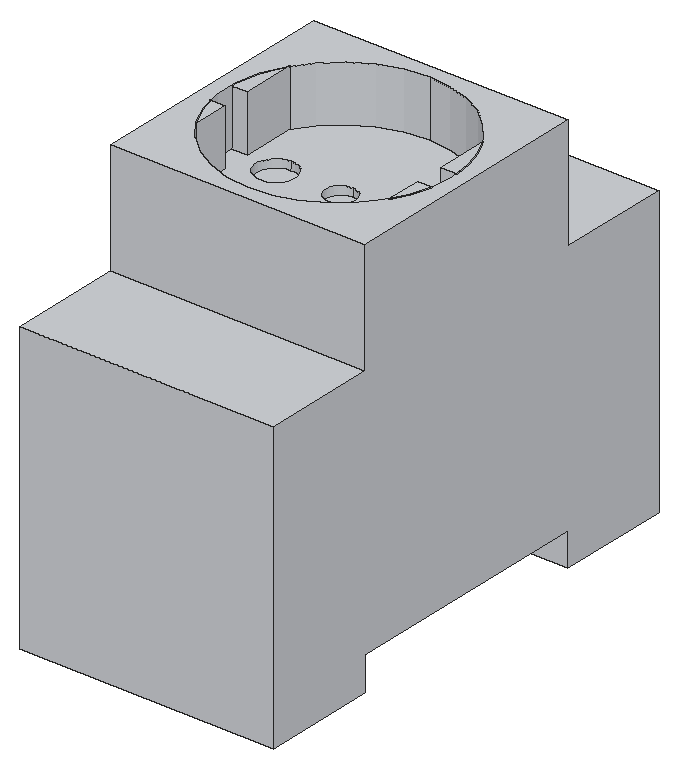
Revit family "Power-ModularDevices-GEWISS-90AM-SOCKET_OUTLET_DIN_ITADEU", category Apparecchi elettrici, host Superficie, Revit 2016
Family settings
  Host = Superficie
  Mantenere orientamento annotazione = Sì
  Tipo di parte = Normale
  Quota connettore circolare = Usa diametro
  Numero OmniClass = 23.80.50.11
  Titolo OmniClass = Switches and Receptacles
  Taglio con vuoti quando caricato = No
  Condiviso = No
  Punto di calcolo locali = Sì
Parameters (values of type "GW96525 - DIN RAIL SOCKET IT/GER.STD 2P+E 16A 2,5M")
  Version file RFA = "18.0"
  URL = "https://www.gewiss.com/ww/en"
  Technical sheet = "https://www.gewiss.com/ww/en/search?q=GW96525"
  Standard = "Italian / German"
  SIMBOLO IN PIANTA [instance] = yes
  Realized by GEWISS S.p.A. = ""
  Rated voltage = "250Vac"
  Rated current (In) = "10/16 A"
  Default Elevation = 1219.2 mm
  Produttore = "GEWISS S.p.A."
  Number of poles = "2P+E"
  No. Chorus modules = "2,5"
  Modello = "GW96525"
  L_VERTICALE [instance] = 97.365 mm
  Installation = "DIN rail"
  Immagine tipo = GW96525.jpg
  IFC.TypeObject = ""
  IFC.ExportType = ""
  IFC.ExportAs = ""
  IDT = "6cba5aad-a702-4872-941f-786413da8b09"
  IDF = "99228530-de5d-4f24-a6a6-5b6c45dd65ee"
  Finitura = none
  Electrocod = "140                 "
  EAN code = "8011564441750"
  Descrizione = "DIN RAIL SOCKET IT/GER.STD 2P+E 16A 2,5M"
  DIST_BARRA DIN [instance] = 15 mm
  Catalogue Range = "90 AM"
  Catalogue = "POWER"
  COBie.Tagnumber = ""
  COBie.CreatedOn = ""
  COBie.CreatebBy = ""
  COBie.ComponentRegisterItemID = ""
  COBie.Component.TagNumber = ""
  COBie.Component.Space = ""
  COBie.Component.SerialNumber = ""
  COBie.Component.InstallationDate = ""
  COBie.Component.Description = ""
  COBie.Component.BarCode = ""
Reference planes
  plane 1 "Centro (Fronte/Retro)": y = 0
  plane 2: z = 0
  plane 3 "Centro (Sinistra/Destra)": x = 0
  plane 4: z = 15
  plane 5: through (0, 42.5, 60) normal (0, 0.9613, -0.2756)
  plane 6: through (0, -42.5, 60) normal (0, -0.9613, 0.2756)
Dimensions and locks
  "DIST_BARRA DIN": plane 4 to host face
  angle plane 5 to plane 1 "Centro (Fronte/Retro)" = 16.00°
  angle plane 1 "Centro (Fronte/Retro)" to plane 5 = 164.00°
  angle plane 6 to plane 4 = 106.00°
  aligned and locked: plane 2 to host face
  aligned and locked: level to host face
  aligned and locked: plane 3 "Centro (Sinistra/Destra)" to nested 1
  aligned and locked: plane 1 "Centro (Fronte/Retro)" to nested 1
Automatic sketch dimensions
  host sketch curve to host sketch curve = 2438.4 mm  (x2)
Nested families
  nested 1: "GENERICO  - 90AM PRESA GUIDA DIN STANDARD ITAGER" at (0, 0, 0), type "GENERICO  - 90AM PRESA GUIDA DIN STANDARD ITAGER"
  nested 2: "CIV" at (0, 56.988, 0), visible <- "SIMBOLO IN PIANTA", type "CIV"
Connectors
  electrical at (0, 42.5, 34.5)
    settings: on nested 1, index 1, voltage 230 V, apparent load 0 VA, apparent load phase1 0 VA, apparent load phase2 0 VA, apparent load phase3 0 VA, power factor 1, load classification "Altro", number of poles 1, system type 31, power factor state 1, is connector primary yes, connector utility no, sub classification motor no, connector description ""
Definition of nested family "GENERICO  - 90AM PRESA GUIDA DIN STANDARD ITAGER"
  Parameters (values of type "GENERICO  - 90AM PRESA GUIDA DIN STANDARD ITAGER")
    h_barra din = if(Altezza barre = 1 mm, 69.9 mm, if(Altezza barre = 2 mm, 115.8 mm, 0 mm))  # 0 mm
    R = 20 mm  # constant formula
    H = if(AB_O = 1, AB_V, if(AB_O = 2, AB_H, 50.8 mm))  # 50.8 mm
    Finitura = none
    Dist barra din = 15 mm
    Contatto = none
    C = 65 mm
    B = 85 mm  # constant formula
    Altezza barre = 5 mm  # constant formula
    AB_V = 3 mm  # constant formula
    AB_H = 5 mm  # constant formula
    AB_O = 0  # constant formula
    A = 45 mm  # constant formula
  Reference planes
    plane 1 "Centro (Fronte/Retro)": y = 0
    plane 2: z = 0
    plane 3 "Centro (Sinistra/Destra)": x = 0
    plane 4: y = -42.5
    plane 5: y = 42.5
    plane 6: z = 15
    plane 7: z = 9
    plane 8 "top": z = 80
    plane 9 "incasso": z = 60
    plane 10: y = -22.5
    plane 11: y = 22.5
    plane 12: x = -22.5
    plane 13: x = 22.5
    plane 14: through (4267.2, -42.5, 9) normal (0, -0.1901, 0.9818)
    plane 15 "foro": z = 70
    plane 16: x = -11.25
    plane 17: x = 11.25
    plane 18: through (-22.5, -42.5, 1200) normal (-0.7547, -0.6561, 0)
    plane 19: through (-22.5, -42.5, 1200) normal (0.8988, -0.4384, 0)
    plane 20: through (22.5, -42.5, 1200) normal (-0.9397, 0.342, 0)
    plane 21: y = 14.153
  Forms (mm)
    Extrusion 1, solid, material <- "Finitura"
      sketch origin (0, 0, 0) x (0, 1, 0) y (0, 0, 1)
        loop
          line (-22.5, 15) -> (22.5, 15) -> (22.5, 9) -> (42.5, 9) -> (42.5, 60) -> (22.5, 60) -> (22.5, 80) -> (-22.5, 80) -> (-22.5, 60) -> (-42.5, 60) -> (-42.5, 9) -> (-22.5, 9) -> (-22.5, 15)
      from -22.5 to 22.5
    Extrusion 2, void
      sketch origin (0, 0, 60) x (0, -1, 0) y (1, 0, 0)
        loop
          circle (0, 0) r 20
      from 10 to 20
    Extrusion 3, void
      sketch origin (0, 0, 60) x (0, -1, 0) y (1, 0, 0)
        loop
          circle (0, -11.25) r 3.434
        loop
          circle (0, 11.25) r 3.477
      from 8.526 to 10
    Extrusion 4, void
      sketch origin (0, -13.865, 70) x (0, -1, 0) y (1, 0, 0)
        loop
          circle (-14.153, 0) r 2.622
      from -1.474 to 0
    Extrusion 5, solid, material <- "Contatto"
      sketch origin (0, 0, 70) x (0, -1, 0) y (1, 0, 0)
        loop
          arc (-10.41, -17.077) -> (-5.906, -19.108) -> (-1.041, -19.973) r 20
          line (-1.041, -19.973) -> (-1.041, -17.077) -> (-10.41, -17.077)
        loop
          line (4.034, -17.077) -> (4.034, -19.589)
          arc (4.034, -19.589) -> (7.331, -18.608) -> (10.41, -17.077) r 20
          line (10.41, -17.077) -> (4.034, -17.077)
      from 0 to 10
    Extrusion 6, solid, material <- "Contatto"
      sketch origin (0, 0, 70) x (0, -1, 0) y (1, 0, 0)
        loop
          line (-10.41, 17.077) -> (-1.041, 17.077) -> (-1.041, 19.973)
          arc (-1.041, 19.973) -> (-5.906, 19.108) -> (-10.41, 17.077) r 20
        loop
          line (4.034, 17.077) -> (10.41, 17.077)
          arc (10.41, 17.077) -> (7.331, 18.608) -> (4.034, 19.589) r 20
          line (4.034, 19.589) -> (4.034, 17.077)
      from 0 to 10
  Cuts and joins
    Extrusion 2, Extrusion 3, Extrusion 4 cuts Extrusion 1
  Lines and regions (mm)
    symbolic lines
      curve 1: line (0, 0, 29) -> (0, 0, 9)
      curve 2: line (0, -22.5, 15) -> (0, 22.5, 15)
    model lines, not visible
      curve 3: line (224.303, 91.977, 74) -> (224.303, 136.977, 74)
      curve 4: line (154.303, 136.977, 74) -> (154.303, 91.977, 74)
      curve 5: line (224.303, 136.977, 74) -> (154.303, 136.977, 74)
      curve 6: line (224.303, 91.977, 74) -> (154.303, 91.977, 74)
      curve 7: line (208.303, 108.977, 74) -> (169.303, 108.977, 74)
      curve 8: line (169.303, 108.977, 74) -> (169.303, 125.977, 74)
      curve 9: line (169.303, 125.977, 74) -> (208.303, 125.977, 74)
      curve 10: line (208.303, 125.977, 74) -> (208.303, 108.977, 74)
      curve 192: line (95.035, 64.787, 59) -> (165.035, 64.787, 59)
      curve 193: line (165.035, 64.787, 59) -> (165.035, 84.787, 59)
      curve 194: line (95.035, 84.787, 59) -> (95.035, 64.787, 59)
      curve 195: line (165.035, 84.787, 59) -> (95.035, 84.787, 59)
      curve 204: line (159.024, 125.408, 59) -> (89.024, 125.408, 59)
      curve 205: line (159.024, 105.408, 59) -> (89.024, 105.408, 59)
      curve 206: line (159.024, 113.408, 59) -> (89.024, 113.408, 59)
      curve 207: line (121.484, 119.926, 59) -> (121.484, 118.591, 59)
      curve 208: line (121.484, 118.591, 59) -> (126.564, 118.591, 59)
      curve 209: line (126.564, 118.591, 59) -> (126.564, 119.926, 59)
      curve 210: line (128.168, 122.331, 59) -> (128.168, 119.926, 59)
      curve 211: line (128.168, 119.926, 59) -> (119.879, 119.926, 59)
      curve 212: line (119.879, 119.926, 59) -> (119.879, 122.331, 59)
      curve 213: line (119.879, 122.331, 59) -> (128.168, 122.331, 59)
    model lines, not visible, detail levels fine
      curve 11: line (158.803, 96.373, 74) -> (158.803, 94.178, 74)
      curve 12: line (158.803, 94.178, 74) -> (158.068, 94.178, 74)
      curve 13: line (158.068, 94.178, 74) -> (157.642, 94.232, 74)
      curve 14: line (157.642, 94.232, 74) -> (157.12, 94.463, 74)
      curve 15: line (157.12, 94.463, 74) -> (156.706, 94.847, 74)
      curve 16: line (156.706, 94.847, 74) -> (156.431, 95.365, 74)
      curve 17: line (156.431, 95.365, 74) -> (156.346, 95.917, 74)
      curve 18: line (156.346, 95.917, 74) -> (156.429, 96.426, 74)
      curve 19: line (156.429, 96.426, 74) -> (156.649, 96.875, 74)
      curve 20: line (156.649, 96.875, 74) -> (157.044, 97.285, 74)
      curve 21: line (157.044, 97.285, 74) -> (157.523, 97.533, 74)
      curve 22: line (157.523, 97.533, 74) -> (158.061, 97.622, 74)
      curve 23: line (158.061, 97.622, 74) -> (158.803, 97.622, 74)
      curve 24: line (158.803, 97.622, 74) -> (158.803, 96.676, 74)
      curve 25: line (158.803, 96.676, 74) -> (157.555, 96.676, 74)
      curve 26: line (157.555, 96.676, 74) -> (157.555, 95.124, 74)
      curve 27: line (157.555, 95.124, 74) -> (157.859, 95.124, 74)
      curve 28: line (157.859, 95.124, 74) -> (157.859, 96.373, 74)
      curve 29: line (157.859, 96.373, 74) -> (158.803, 96.373, 74)
      curve 30: line (161.774, 94.178, 74) -> (159.106, 94.178, 74)
      curve 31: line (159.106, 94.178, 74) -> (159.106, 97.622, 74)
      curve 32: line (159.106, 97.622, 74) -> (160.525, 97.622, 74)
      curve 33: line (160.525, 97.622, 74) -> (160.525, 96.676, 74)
      curve 34: line (160.525, 96.676, 74) -> (160.052, 96.676, 74)
      curve 35: line (160.052, 96.676, 74) -> (160.052, 96.373, 74)
      curve 36: line (160.052, 96.373, 74) -> (161.774, 96.373, 74)
      curve 37: line (161.774, 96.373, 74) -> (161.774, 95.427, 74)
      curve 38: line (161.774, 95.427, 74) -> (160.052, 95.427, 74)
      curve 39: line (160.052, 95.427, 74) -> (160.052, 95.124, 74)
      curve 40: line (160.052, 95.124, 74) -> (161.774, 95.124, 74)
      curve 41: line (161.774, 95.124, 74) -> (161.774, 94.178, 74)
      curve 42: line (166.599, 94.178, 74) -> (166.599, 96.373, 74)
      curve 43: line (166.599, 96.373, 74) -> (165.653, 96.373, 74)
      curve 44: line (165.653, 96.373, 74) -> (165.653, 94.178, 74)
      curve 45: line (165.653, 94.178, 74) -> (166.599, 94.178, 74)
      curve 46: line (163.43, 94.178, 74) -> (163.714, 95.597, 74)
      curve 47: line (163.714, 95.597, 74) -> (163.997, 94.178, 74)
      curve 48: line (163.997, 94.178, 74) -> (164.944, 94.178, 74)
      curve 49: line (164.944, 94.178, 74) -> (165.53, 96.676, 74)
      curve 50: line (165.53, 96.676, 74) -> (166.599, 96.676, 74)
      curve 51: line (166.599, 96.676, 74) -> (166.599, 97.622, 74)
      curve 52: line (166.599, 97.622, 74) -> (164.783, 97.622, 74)
      curve 53: line (164.783, 97.622, 74) -> (164.442, 96.165, 74)
      curve 54: line (164.442, 96.165, 74) -> (164.206, 97.622, 74)
      curve 55: line (164.206, 97.622, 74) -> (163.222, 97.622, 74)
      curve 56: line (163.222, 97.622, 74) -> (162.985, 96.165, 74)
      curve 57: line (162.985, 96.165, 74) -> (162.645, 97.622, 74)
      curve 58: line (162.645, 97.622, 74) -> (160.828, 97.622, 74)
      curve 59: line (160.828, 97.622, 74) -> (160.828, 96.676, 74)
      curve 60: line (160.828, 96.676, 74) -> (161.897, 96.676, 74)
      curve 61: line (161.897, 96.676, 74) -> (162.482, 94.178, 74)
      curve 62: line (162.482, 94.178, 74) -> (163.43, 94.178, 74)
      curve 63: line (169.57, 97.622, 74) -> (166.902, 97.622, 74)
      curve 64: line (166.902, 97.622, 74) -> (166.902, 95.427, 74)
      curve 65: line (166.902, 95.427, 74) -> (168.624, 95.427, 74)
      curve 66: line (168.624, 95.427, 74) -> (168.624, 95.124, 74)
      curve 67: line (168.624, 95.124, 74) -> (166.902, 95.124, 74)
      curve 68: line (166.902, 95.124, 74) -> (166.902, 94.178, 74)
      curve 69: line (166.902, 94.178, 74) -> (169.57, 94.178, 74)
      curve 70: line (169.57, 94.178, 74) -> (169.57, 96.373, 74)
      curve 71: line (169.57, 96.373, 74) -> (167.848, 96.373, 74)
      curve 72: line (167.848, 96.373, 74) -> (167.848, 96.676, 74)
      curve 73: line (167.848, 96.676, 74) -> (169.57, 96.676, 74)
      curve 74: line (169.57, 96.676, 74) -> (169.57, 97.622, 74)
      curve 75: line (169.873, 97.622, 74) -> (169.873, 95.427, 74)
      curve 76: line (169.873, 95.427, 74) -> (171.478, 95.427, 74)
      curve 77: line (171.478, 95.427, 74) -> (171.478, 95.124, 74)
      curve 78: line (171.478, 95.124, 74) -> (169.873, 95.124, 74)
      curve 79: line (169.873, 95.124, 74) -> (169.873, 94.178, 74)
      curve 80: line (169.873, 94.178, 74) -> (170.819, 94.178, 74)
      curve 81: line (170.819, 94.178, 74) -> (171.365, 94.354, 74)
      curve 82: line (171.365, 94.354, 74) -> (171.718, 94.584, 74)
      curve 83: line (171.718, 94.584, 74) -> (172.121, 95.079, 74)
      curve 84: line (172.121, 95.079, 74) -> (172.309, 95.635, 74)
      curve 85: line (172.309, 95.635, 74) -> (172.315, 96.128, 74)
      curve 86: line (172.315, 96.128, 74) -> (172.263, 96.373, 74)
      curve 87: line (172.263, 96.373, 74) -> (170.819, 96.373, 74)
      curve 88: line (170.819, 96.373, 74) -> (170.819, 96.676, 74)
      curve 89: line (170.819, 96.676, 74) -> (172.134, 96.676, 74)
      curve 90: line (172.134, 96.676, 74) -> (171.964, 96.962, 74)
      curve 91: line (171.964, 96.962, 74) -> (171.718, 97.217, 74)
      curve 92: line (171.718, 97.217, 74) -> (171.375, 97.442, 74)
      curve 93: line (171.375, 97.442, 74) -> (171.017, 97.573, 74)
      curve 94: line (171.017, 97.573, 74) -> (170.615, 97.622, 74)
      curve 95: line (170.615, 97.622, 74) -> (169.873, 97.622, 74)
    model lines, not visible, detail levels medium+fine
      curve 96: line (179.303, 95.702, 74) -> (180.69, 96.074, 74)
      curve 97: line (180.69, 96.074, 74) -> (181.706, 97.09, 74)
      curve 98: line (181.706, 97.09, 74) -> (182.077, 98.477, 74)
      curve 99: line (182.077, 98.477, 74) -> (181.706, 99.864, 74)
      curve 100: line (181.706, 99.864, 74) -> (180.69, 100.879, 74)
      curve 101: line (180.69, 100.879, 74) -> (179.303, 101.251, 74)
      curve 102: line (179.303, 101.251, 74) -> (177.916, 100.879, 74)
      curve 103: line (177.916, 100.879, 74) -> (176.9, 99.864, 74)
      curve 104: line (176.9, 99.864, 74) -> (176.529, 98.477, 74)
      curve 105: line (176.529, 98.477, 74) -> (176.9, 97.09, 74)
      curve 106: line (176.9, 97.09, 74) -> (177.916, 96.074, 74)
      curve 107: line (177.916, 96.074, 74) -> (179.303, 95.702, 74)
      curve 108: line (202.303, 95.702, 74) -> (203.69, 96.074, 74)
      curve 109: line (203.69, 96.074, 74) -> (204.706, 97.09, 74)
      curve 110: line (204.706, 97.09, 74) -> (205.077, 98.477, 74)
      curve 111: line (205.077, 98.477, 74) -> (204.706, 99.864, 74)
      curve 112: line (204.706, 99.864, 74) -> (203.69, 100.879, 74)
      curve 113: line (203.69, 100.879, 74) -> (202.303, 101.251, 74)
      curve 114: line (202.303, 101.251, 74) -> (200.916, 100.879, 74)
      curve 115: line (200.916, 100.879, 74) -> (199.9, 99.864, 74)
      curve 116: line (199.9, 99.864, 74) -> (199.529, 98.477, 74)
      curve 117: line (199.529, 98.477, 74) -> (199.9, 97.09, 74)
      curve 118: line (199.9, 97.09, 74) -> (200.916, 96.074, 74)
      curve 119: line (200.916, 96.074, 74) -> (202.303, 95.702, 74)
      curve 120: line (219.287, 129.534, 74) -> (220.062, 129.741, 74)
      curve 121: line (220.062, 129.741, 74) -> (220.629, 130.308, 74)
      curve 122: line (220.629, 130.308, 74) -> (220.836, 131.083, 74)
      curve 123: line (220.836, 131.083, 74) -> (220.629, 131.857, 74)
      curve 124: line (220.629, 131.857, 74) -> (220.062, 132.424, 74)
      curve 125: line (220.062, 132.424, 74) -> (219.287, 132.631, 74)
      curve 126: line (219.287, 132.631, 74) -> (218.513, 132.424, 74)
      curve 127: line (218.513, 132.424, 74) -> (217.946, 131.857, 74)
      curve 128: line (217.946, 131.857, 74) -> (217.739, 131.083, 74)
      curve 129: line (217.739, 131.083, 74) -> (217.946, 130.308, 74)
      curve 130: line (217.946, 130.308, 74) -> (218.513, 129.741, 74)
      curve 131: line (218.513, 129.741, 74) -> (219.287, 129.534, 74)
      curve 132: line (219.287, 123.534, 74) -> (220.062, 123.741, 74)
      curve 133: line (220.062, 123.741, 74) -> (220.629, 124.308, 74)
      curve 134: line (220.629, 124.308, 74) -> (220.836, 125.083, 74)
      curve 135: line (220.836, 125.083, 74) -> (220.629, 125.857, 74)
      curve 136: line (220.629, 125.857, 74) -> (220.062, 126.424, 74)
      curve 137: line (220.062, 126.424, 74) -> (219.287, 126.631, 74)
      curve 138: line (219.287, 126.631, 74) -> (218.513, 126.424, 74)
      curve 139: line (218.513, 126.424, 74) -> (217.946, 125.857, 74)
      curve 140: line (217.946, 125.857, 74) -> (217.739, 125.083, 74)
      curve 141: line (217.739, 125.083, 74) -> (217.946, 124.308, 74)
      curve 142: line (217.946, 124.308, 74) -> (218.513, 123.741, 74)
      curve 143: line (218.513, 123.741, 74) -> (219.287, 123.534, 74)
      curve 144: line (219.287, 117.534, 74) -> (220.062, 117.741, 74)
      curve 145: line (220.062, 117.741, 74) -> (220.629, 118.308, 74)
      curve 146: line (220.629, 118.308, 74) -> (220.836, 119.083, 74)
      curve 147: line (220.836, 119.083, 74) -> (220.629, 119.857, 74)
      curve 148: line (220.629, 119.857, 74) -> (220.062, 120.424, 74)
      curve 149: line (220.062, 120.424, 74) -> (219.287, 120.631, 74)
      curve 150: line (219.287, 120.631, 74) -> (218.513, 120.424, 74)
      curve 151: line (218.513, 120.424, 74) -> (217.946, 119.857, 74)
      curve 152: line (217.946, 119.857, 74) -> (217.739, 119.083, 74)
      curve 153: line (217.739, 119.083, 74) -> (217.946, 118.308, 74)
      curve 154: line (217.946, 118.308, 74) -> (218.513, 117.741, 74)
      curve 155: line (218.513, 117.741, 74) -> (219.287, 117.534, 74)
      curve 156: line (219.287, 111.534, 74) -> (220.062, 111.741, 74)
      curve 157: line (220.062, 111.741, 74) -> (220.629, 112.308, 74)
      curve 158: line (220.629, 112.308, 74) -> (220.836, 113.083, 74)
      curve 159: line (220.836, 113.083, 74) -> (220.629, 113.857, 74)
      curve 160: line (220.629, 113.857, 74) -> (220.062, 114.424, 74)
      curve 161: line (220.062, 114.424, 74) -> (219.287, 114.631, 74)
      curve 162: line (219.287, 114.631, 74) -> (218.513, 114.424, 74)
      curve 163: line (218.513, 114.424, 74) -> (217.946, 113.857, 74)
      curve 164: line (217.946, 113.857, 74) -> (217.739, 113.083, 74)
      curve 165: line (217.739, 113.083, 74) -> (217.946, 112.308, 74)
      curve 166: line (217.946, 112.308, 74) -> (218.513, 111.741, 74)
      curve 167: line (218.513, 111.741, 74) -> (219.287, 111.534, 74)
      curve 168: line (219.287, 105.534, 74) -> (220.062, 105.741, 74)
      curve 169: line (220.062, 105.741, 74) -> (220.629, 106.308, 74)
      curve 170: line (220.629, 106.308, 74) -> (220.836, 107.083, 74)
      curve 171: line (220.836, 107.083, 74) -> (220.629, 107.857, 74)
      curve 172: line (220.629, 107.857, 74) -> (220.062, 108.424, 74)
      curve 173: line (220.062, 108.424, 74) -> (219.287, 108.631, 74)
      curve 174: line (219.287, 108.631, 74) -> (218.513, 108.424, 74)
      curve 175: line (218.513, 108.424, 74) -> (217.946, 107.857, 74)
      curve 176: line (217.946, 107.857, 74) -> (217.739, 107.083, 74)
      curve 177: line (217.739, 107.083, 74) -> (217.946, 106.308, 74)
      curve 178: line (217.946, 106.308, 74) -> (218.513, 105.741, 74)
      curve 179: line (218.513, 105.741, 74) -> (219.287, 105.534, 74)
      curve 180: line (219.287, 99.534, 74) -> (220.062, 99.741, 74)
      curve 181: line (220.062, 99.741, 74) -> (220.629, 100.308, 74)
      curve 182: line (220.629, 100.308, 74) -> (220.836, 101.083, 74)
      curve 183: line (220.836, 101.083, 74) -> (220.629, 101.857, 74)
      curve 184: line (220.629, 101.857, 74) -> (220.062, 102.424, 74)
      curve 185: line (220.062, 102.424, 74) -> (219.287, 102.631, 74)
      curve 186: line (219.287, 102.631, 74) -> (218.513, 102.424, 74)
      curve 187: line (218.513, 102.424, 74) -> (217.946, 101.857, 74)
      curve 188: line (217.946, 101.857, 74) -> (217.739, 101.083, 74)
      curve 189: line (217.739, 101.083, 74) -> (217.946, 100.308, 74)
      curve 190: line (217.946, 100.308, 74) -> (218.513, 99.741, 74)
      curve 191: line (218.513, 99.741, 74) -> (219.287, 99.534, 74)
      curve 196: line (165.035, 76.787, 59) -> (95.035, 76.787, 59)
      curve 197: line (127.495, 70.269, 59) -> (127.495, 71.605, 59)
      curve 198: line (127.495, 71.605, 59) -> (132.575, 71.605, 59)
      curve 199: line (132.575, 71.605, 59) -> (132.575, 70.269, 59)
      curve 200: line (134.18, 67.864, 59) -> (134.18, 70.269, 59)
      curve 201: line (134.18, 70.269, 59) -> (125.891, 70.269, 59)
      curve 202: line (125.891, 70.269, 59) -> (125.891, 67.864, 59)
      curve 203: line (125.891, 67.864, 59) -> (134.18, 67.864, 59)
    model lines, detail levels fine
      curve 214: line (-20.091, -20.025, 80) -> (-20.255, -20.009, 80)
      curve 215: line (-20.255, -20.009, 80) -> (-20.413, -19.961, 80)
      curve 216: line (-20.413, -19.961, 80) -> (-20.558, -19.884, 80)
      curve 217: line (-20.558, -19.884, 80) -> (-20.685, -19.779, 80)
      curve 218: line (-20.685, -19.779, 80) -> (-20.79, -19.652, 80)
      curve 219: line (-20.79, -19.652, 80) -> (-20.867, -19.507, 80)
      curve 220: line (-20.867, -19.507, 80) -> (-20.915, -19.349, 80)
      curve 221: line (-20.915, -19.349, 80) -> (-20.931, -19.185, 80)
      curve 222: line (-20.931, -19.185, 80) -> (-20.915, -19.021, 80)
      curve 223: line (-20.915, -19.021, 80) -> (-20.867, -18.864, 80)
      curve 224: line (-20.867, -18.864, 80) -> (-20.79, -18.719, 80)
      curve 225: line (-20.79, -18.719, 80) -> (-20.685, -18.591, 80)
      curve 226: line (-20.685, -18.591, 80) -> (-20.558, -18.487, 80)
      curve 227: line (-20.558, -18.487, 80) -> (-20.413, -18.409, 80)
      curve 228: line (-20.413, -18.409, 80) -> (-20.255, -18.361, 80)
      curve 229: line (-20.255, -18.361, 80) -> (-20.091, -18.345, 80)
      curve 230: line (-20.091, -18.345, 80) -> (-19.651, -18.345, 80)
      curve 231: line (-19.651, -18.345, 80) -> (-19.651, -18.825, 80)
      curve 232: line (-19.651, -18.825, 80) -> (-20.291, -18.825, 80)
      curve 233: line (-20.291, -18.825, 80) -> (-20.291, -19.545, 80)
      curve 234: line (-20.171, -19.545, 80) -> (-20.171, -18.945, 80)
      curve 235: line (-20.171, -18.945, 80) -> (-19.651, -18.945, 80)
      curve 236: line (-19.651, -18.945, 80) -> (-19.651, -20.025, 80)
      curve 237: line (-19.651, -20.025, 80) -> (-20.091, -20.025, 80)
      curve 238: line (-19.531, -20.025, 80) -> (-18.251, -20.025, 80)
      curve 239: line (-18.251, -20.025, 80) -> (-18.251, -19.545, 80)
      curve 240: line (-18.251, -19.545, 80) -> (-19.011, -19.545, 80)
      curve 241: line (-19.011, -19.425, 80) -> (-18.251, -19.425, 80)
      curve 242: line (-18.251, -19.425, 80) -> (-18.251, -18.945, 80)
      curve 243: line (-18.251, -18.945, 80) -> (-19.011, -18.945, 80)
      curve 244: line (-19.011, -18.825, 80) -> (-18.811, -18.825, 80)
      curve 245: line (-18.811, -18.825, 80) -> (-18.811, -18.345, 80)
      curve 246: line (-18.811, -18.345, 80) -> (-19.531, -18.345, 80)
      curve 247: line (-19.531, -18.345, 80) -> (-19.531, -20.025, 80)
      curve 248: line (-17.438, -20.025, 80) -> (-17.931, -20.025, 80)
      curve 249: line (-17.931, -20.025, 80) -> (-18.211, -18.825, 80)
      curve 250: line (-18.211, -18.825, 80) -> (-18.691, -18.825, 80)
      curve 251: line (-18.691, -18.825, 80) -> (-18.691, -18.345, 80)
      curve 252: line (-18.691, -18.345, 80) -> (-17.83, -18.345, 80)
      curve 253: line (-17.83, -18.345, 80) -> (-17.645, -19.141, 80)
      curve 254: line (-17.645, -19.141, 80) -> (-17.486, -18.345, 80)
      curve 255: line (-17.486, -18.345, 80) -> (-17.006, -18.345, 80)
      curve 256: line (-17.006, -18.345, 80) -> (-16.833, -19.086, 80)
      curve 257: line (-16.833, -19.086, 80) -> (-16.685, -18.345, 80)
      curve 258: line (-16.685, -18.345, 80) -> (-15.731, -18.345, 80)
      curve 259: line (-15.731, -18.345, 80) -> (-15.731, -18.825, 80)
      curve 260: line (-15.731, -18.825, 80) -> (-16.291, -18.825, 80)
      curve 261: line (-16.291, -18.825, 80) -> (-16.531, -20.025, 80)
      curve 262: line (-16.531, -20.025, 80) -> (-17.021, -20.025, 80)
      curve 263: line (-17.021, -20.025, 80) -> (-17.246, -19.062, 80)
      curve 264: line (-17.246, -19.062, 80) -> (-17.438, -20.025, 80)
      curve 265: line (-15.731, -18.945, 80) -> (-16.211, -18.945, 80)
      curve 266: line (-16.211, -18.945, 80) -> (-16.211, -20.025, 80)
      curve 267: line (-16.211, -20.025, 80) -> (-15.731, -20.025, 80)
      curve 268: line (-15.731, -20.025, 80) -> (-15.731, -18.945, 80)
      curve 269: line (-15.611, -20.025, 80) -> (-14.331, -20.025, 80)
      curve 270: line (-14.331, -20.025, 80) -> (-14.331, -18.945, 80)
      curve 271: line (-14.331, -18.945, 80) -> (-15.091, -18.945, 80)
      curve 272: line (-15.091, -18.825, 80) -> (-14.331, -18.825, 80)
      curve 273: line (-14.331, -18.825, 80) -> (-14.331, -18.345, 80)
      curve 274: line (-14.331, -18.345, 80) -> (-15.611, -18.345, 80)
      curve 275: line (-15.611, -18.345, 80) -> (-15.611, -19.425, 80)
      curve 276: line (-15.611, -19.425, 80) -> (-14.851, -19.425, 80)
      curve 277: line (-14.851, -19.545, 80) -> (-15.611, -19.545, 80)
      curve 278: line (-15.611, -19.545, 80) -> (-15.611, -20.025, 80)
      curve 279: line (-13.771, -20.025, 80) -> (-13.607, -20.009, 80)
      curve 280: line (-13.607, -20.009, 80) -> (-13.45, -19.961, 80)
      curve 281: line (-13.45, -19.961, 80) -> (-13.305, -19.884, 80)
      curve 282: line (-13.305, -19.884, 80) -> (-13.177, -19.779, 80)
      curve 283: line (-13.177, -19.779, 80) -> (-13.073, -19.652, 80)
      curve 284: line (-13.073, -19.652, 80) -> (-12.995, -19.507, 80)
      curve 285: line (-12.995, -19.507, 80) -> (-12.947, -19.349, 80)
      curve 286: line (-12.947, -19.349, 80) -> (-12.931, -19.185, 80)
      curve 287: line (-12.966, -18.945, 80) -> (-13.691, -18.945, 80)
      curve 288: line (-13.691, -18.825, 80) -> (-13.012, -18.825, 80)
      curve 289: line (-13.012, -18.825, 80) -> (-13.112, -18.665, 80)
      curve 290: line (-13.112, -18.665, 80) -> (-13.245, -18.53, 80)
      curve 291: line (-13.245, -18.53, 80) -> (-13.405, -18.429, 80)
      curve 292: line (-13.405, -18.429, 80) -> (-13.583, -18.366, 80)
      curve 293: line (-13.583, -18.366, 80) -> (-13.771, -18.345, 80)
      curve 294: line (-13.771, -18.345, 80) -> (-14.211, -18.345, 80)
      curve 295: line (-14.211, -18.345, 80) -> (-14.211, -19.425, 80)
      curve 296: line (-14.211, -19.425, 80) -> (-13.571, -19.425, 80)
      curve 297: line (-13.571, -19.545, 80) -> (-14.211, -19.545, 80)
      curve 298: line (-14.211, -19.545, 80) -> (-14.211, -20.025, 80)
      curve 299: line (-14.211, -20.025, 80) -> (-13.771, -20.025, 80)
      curve 300: line (2.023, 35.453, 60) -> (-0.077, 35.453, 60)
      curve 301: line (-0.077, 35.453, 60) -> (-2.177, 35.453, 60)
      curve 302: line (1.373, 34.153, 60) -> (-0.077, 34.153, 60)
      curve 303: line (-0.077, 34.153, 60) -> (-1.527, 34.153, 60)
      curve 304: line (2.673, 36.753, 60) -> (-0.077, 36.753, 60)
      curve 305: line (-0.077, 36.753, 60) -> (-2.827, 36.753, 60)
      curve 306: line (-0.128, 37.403, 60) -> (-0.128, 39.603, 60)
      curve 307: line (-0.077, 33.156, 60) -> (1.721, 33.638, 60)
      curve 308: line (1.721, 33.638, 60) -> (3.038, 34.955, 60)
      curve 309: line (3.038, 34.955, 60) -> (3.52, 36.753, 60)
      curve 310: line (3.52, 36.753, 60) -> (3.038, 38.551, 60)
      curve 311: line (3.038, 38.551, 60) -> (1.721, 39.868, 60)
      curve 312: line (1.721, 39.868, 60) -> (-0.077, 40.349, 60)
      curve 313: line (-0.077, 40.349, 60) -> (-1.875, 39.868, 60)
      curve 314: line (-1.875, 39.868, 60) -> (-3.192, 38.551, 60)
      curve 315: line (-3.192, 38.551, 60) -> (-3.673, 36.753, 60)
      curve 316: line (-3.673, 36.753, 60) -> (-3.192, 34.955, 60)
      curve 317: line (-3.192, 34.955, 60) -> (-1.875, 33.638, 60)
      curve 318: line (-1.875, 33.638, 60) -> (-0.077, 33.156, 60)
    model lines, detail levels medium+fine
      curve 319: circle (-0.111, 28.342, 60) r 3.325 normal (0, 0, 1)
      curve 320: circle (-10.736, -29.756, 60) r 3.325 normal (0, 0, 1)
      curve 321: circle (10.736, -29.756, 60) r 3.325 normal (0, 0, -1)
  Text (mm)
    text "AB_V" at (0, 50.868, 44.72), in view "Destra"
    text "AB_O" at (0, -80.659, 111.963), in view "Destra"
    text "AB_0" at (-72.795, 64.852, 0), in view "Livello rif."
    text "AB_V" at (36.811, 11.393, 0), in view "Livello rif."
  Dimensions and locks
    equal spacing: plane 4, plane 1 "Centro (Fronte/Retro)", plane 5
    "B": plane 4 to plane 5
    "Dist barra din": plane 6 to level
    locked: plane 6 to plane 7 at 6
    "C": plane 8 "top" to plane 6
    locked: plane 8 "top" to plane 9 "incasso" at 20
    equal spacing: plane 10, plane 1 "Centro (Fronte/Retro)", plane 11
    plane 10 to plane 11 = 45 mm
    equal spacing: plane 12, plane 3 "Centro (Sinistra/Destra)", plane 13
    "A": plane 12 to plane 13
    locked: plane 15 "foro" to plane 9 "incasso" at 10
    "R": radius of Extrusion 2 sketch curve
    angle level to plane 14 = 10.9557°
    angle plane 4 to plane 8 "top" = 90.00°
    angle plane 20 to plane 18 = 61.00°
    angle plane 20 to plane 19 = 174.00°
    angle plane 19 to plane 4 = 116.00°
    aligned and locked: level to plane 2
    aligned and locked: Extrusion 1 sketch curve to plane 6
    aligned and locked: Extrusion 1 sketch curve to plane 7
    aligned and locked: Extrusion 1 sketch curve to plane 4
    aligned and locked: Extrusion 1 sketch curve to plane 9 "incasso"
    aligned and locked: Extrusion 1 sketch curve to plane 8 "top"
    aligned and locked: Extrusion 1 sketch curve to plane 11  (x2)
    aligned and locked: Extrusion 1 sketch curve to plane 5
    aligned and locked: Extrusion 1 sketch curve to plane 10  (x2)
    aligned and locked: plane 1 "Centro (Fronte/Retro)" to curve 1
    aligned and locked: Extrusion 1 to plane 6
    aligned and locked: Extrusion 1 to plane 12
    aligned and locked: plane 13 to Extrusion 1
    aligned and locked: plane 9 "incasso" to Extrusion 1
    aligned and locked: curve 2 to plane 6
    aligned and locked: plane 3 "Centro (Sinistra/Destra)" to Extrusion 2 sketch curve
    aligned and locked: plane 1 "Centro (Fronte/Retro)" to Extrusion 2 sketch curve
    aligned and locked: Extrusion 2 to plane 15 "foro"
    aligned and locked: plane 8 "top" to Extrusion 2
    aligned and locked: Extrusion 3 to Extrusion 2
    aligned and locked: Extrusion 4 to Extrusion 2
    aligned and locked: plane 8 "top" to Extrusion 5
  Automatic sketch dimensions
    curve 2 to plane 10 = 0 mm
    curve 2 to plane 11 = 0 mm
    curve 1 to plane 7 = 0 mm
    plane 6 to curve 1 = 14 mm
    Extrusion 1 sketch curve to plane 7 = 0 mm
    Extrusion 1 sketch curve to plane 9 "incasso" = 0 mm
    curve 312 to plane 3 "Centro (Sinistra/Destra)" = 0.077 mm
    curve 312 to plane 5 = 2.151 mm
    curve 312 to curve 314 = 0.482 mm
    curve 312 to curve 312 = 0.482 mm
    curve 313 to curve 314 = 1.316 mm
    curve 311 to curve 311 = 1.316 mm  (x2)
    curve 315 to curve 305 = 0 mm
    curve 300 to plane 3 "Centro (Sinistra/Destra)" = 0.077 mm
    plane 3 "Centro (Sinistra/Destra)" to curve 308 = 3.038 mm
    curve 317 to plane 3 "Centro (Sinistra/Destra)" = 3.192 mm
    curve 301 to curve 317 = 0.498 mm
    plane 3 "Centro (Sinistra/Destra)" to curve 307 = 1.721 mm
    curve 317 to plane 3 "Centro (Sinistra/Destra)" = 1.875 mm
    curve 303 to curve 317 = 0.515 mm
    curve 307 to plane 3 "Centro (Sinistra/Destra)" = 0.077 mm
    curve 302 to curve 307 = 0.997 mm
    curve 319 to plane 3 "Centro (Sinistra/Destra)" = 0.111 mm
    curve 307 to curve 319 = 4.814 mm
    curve 321 to plane 17 = 0.514 mm
    curve 321 to plane 10 = 7.256 mm
    curve 320 to plane 16 = 0.514 mm
    curve 320 to plane 10 = 7.256 mm
    curve 315 to curve 316 = 0.482 mm
    curve 315 to curve 314 = 0.482 mm
    curve 314 to curve 312 = 1.798 mm
    curve 306 to plane 3 "Centro (Sinistra/Destra)" = 0.128 mm
    curve 305 to plane 3 "Centro (Sinistra/Destra)" = 0.077 mm
    curve 303 to plane 3 "Centro (Sinistra/Destra)" = 0.077 mm
    curve 302 to curve 307 = 0.348 mm
    plane 1 "Centro (Fronte/Retro)" to Extrusion 3 sketch curve = 0 mm  (x2)
    plane 16 to Extrusion 3 sketch curve = 0 mm
    Extrusion 3 sketch curve to plane 17 = 0 mm
    Extrusion 4 sketch curve to plane 3 "Centro (Sinistra/Destra)" = 0 mm
    Extrusion 4 sketch curve to plane 1 "Centro (Fronte/Retro)" = 0.288 mm
    Extrusion 5 sketch curve to Extrusion 5 sketch curve = 0 mm  (x3)
    plane 1 "Centro (Fronte/Retro)" to Extrusion 5 sketch curve = 0 mm
    Extrusion 5 sketch curve to plane 3 "Centro (Sinistra/Destra)" = 0 mm
    Extrusion 5 sketch curve to plane 1 "Centro (Fronte/Retro)" = 1.041 mm
    plane 21 to Extrusion 5 sketch curve = 3.743 mm
    plane 1 "Centro (Fronte/Retro)" to Extrusion 5 sketch curve = 4.034 mm
    Extrusion 5 sketch curve to Extrusion 5 sketch curve = 6.376 mm
    plane 12 to Extrusion 5 sketch curve = 5.423 mm
    Extrusion 6 sketch curve to Extrusion 6 sketch curve = 0 mm  (x3)
    plane 1 "Centro (Fronte/Retro)" to Extrusion 6 sketch curve = 0 mm
    Extrusion 6 sketch curve to plane 3 "Centro (Sinistra/Destra)" = 0 mm
    plane 1 "Centro (Fronte/Retro)" to Extrusion 6 sketch curve = 1.041 mm
    Extrusion 6 sketch curve to plane 21 = 3.743 mm
    Extrusion 6 sketch curve to plane 1 "Centro (Fronte/Retro)" = 4.034 mm
    Extrusion 6 sketch curve to Extrusion 6 sketch curve = 6.376 mm
    plane 13 to Extrusion 6 sketch curve = 5.423 mm
    Extrusion 1 to curve 214 = 2.409 mm
    curve 214 to Extrusion 1 = 2.475 mm
    curve 278 to curve 298 = 0 mm
    curve 268 to curve 269 = 0 mm
    curve 264 to curve 266 = 0 mm
    curve 264 to curve 263 = 0 mm
    curve 214 to curve 247 = 0 mm
    curve 239 to curve 248 = 0 mm
    Extrusion 1 to curve 214 = 2.245 mm
    curve 214 to curve 214 = 0.016 mm
    curve 279 to curve 280 = 0.016 mm
    curve 280 to curve 280 = 0.048 mm
    Extrusion 1 to curve 216 = 2.087 mm
    curve 214 to curve 216 = 0.048 mm
    Extrusion 1 to curve 217 = 1.942 mm
    curve 215 to curve 217 = 0.078 mm
    curve 280 to curve 282 = 0.078 mm
    Extrusion 1 to curve 218 = 1.815 mm
    curve 216 to curve 218 = 0.104 mm
    curve 281 to curve 282 = 0.104 mm
    curve 282 to curve 284 = 0.127 mm
    curve 217 to curve 218 = 0.127 mm
    Extrusion 1 to curve 219 = 1.71 mm
    curve 269 to curve 277 = 0.48 mm
    curve 214 to curve 234 = 0.464 mm
    curve 238 to curve 239 = 0.48 mm
    curve 298 to curve 298 = 0.48 mm
    curve 233 to curve 234 = 0 mm
    curve 283 to curve 285 = 0.145 mm
    Extrusion 1 to curve 219 = 1.633 mm
    curve 218 to curve 219 = 0.145 mm
    curve 297 to curve 296 = 0.12 mm
    curve 277 to curve 276 = 0.12 mm
    curve 239 to curve 241 = 0.12 mm
    curve 284 to curve 285 = 0.158 mm
    Extrusion 1 to curve 220 = 1.585 mm
    curve 219 to curve 220 = 0.158 mm
    Extrusion 1 to curve 221 = 1.569 mm
    curve 220 to curve 221 = 0.164 mm
    curve 285 to curve 286 = 0.164 mm
    curve 241 to curve 254 = 0.284 mm
    curve 253 to curve 257 = 0.055 mm
    curve 253 to curve 264 = 0.079 mm
    Extrusion 1 to curve 222 = 1.585 mm
    curve 221 to curve 222 = 0.164 mm
    curve 234 to curve 234 = 0.6 mm
    curve 241 to curve 242 = 0.48 mm
    curve 286 to curve 287 = 0.24 mm
    curve 276 to curve 271 = 0.48 mm
    curve 256 to curve 265 = 0.14 mm
    curve 222 to curve 223 = 0.158 mm
    Extrusion 1 to curve 224 = 1.633 mm
    curve 287 to curve 288 = 0.12 mm
    curve 243 to curve 250 = 0.12 mm
    curve 244 to curve 250 = 0 mm
    curve 265 to curve 261 = 0.12 mm
    curve 271 to curve 272 = 0.12 mm
    curve 234 to curve 232 = 0.12 mm
    Extrusion 1 to curve 225 = 1.71 mm
    curve 223 to curve 225 = 0.145 mm
    curve 288 to curve 290 = 0.161 mm
    curve 224 to curve 226 = 0.127 mm
    Extrusion 1 to curve 225 = 1.815 mm
    curve 289 to curve 290 = 0.134 mm
    Extrusion 1 to curve 226 = 1.942 mm
    curve 225 to curve 226 = 0.104 mm
    curve 290 to curve 291 = 0.101 mm
    Extrusion 1 to curve 228 = 2.087 mm
    curve 226 to curve 228 = 0.078 mm
    curve 291 to curve 293 = 0.063 mm
    curve 227 to curve 228 = 0.048 mm
    Extrusion 1 to curve 229 = 2.245 mm
    curve 259 to curve 275 = 0.48 mm
    curve 250 to curve 251 = 0.48 mm
    curve 252 to curve 254 = 0 mm
    curve 231 to curve 247 = 0.48 mm
    curve 258 to curve 274 = 0 mm
    curve 292 to curve 293 = 0.021 mm
    curve 231 to curve 246 = 0 mm
    curve 232 to curve 229 = 0.44 mm
    curve 235 to curve 231 = 0 mm
    curve 246 to curve 230 = 0.12 mm
    curve 243 to curve 235 = 0.64 mm
    curve 244 to curve 243 = 0 mm
    curve 240 to curve 243 = 0 mm
    curve 241 to curve 240 = 0 mm
    curve 245 to curve 244 = 0.2 mm
    curve 251 to curve 244 = 0.12 mm
    curve 240 to curve 240 = 0.76 mm
    curve 242 to curve 239 = 0 mm
    curve 250 to curve 242 = 0.04 mm
    curve 248 to curve 238 = 0.32 mm
    curve 253 to curve 249 = 0.381 mm
    curve 254 to curve 242 = 0.607 mm
    curve 255 to curve 252 = 0.345 mm
    curve 248 to curve 248 = 0.493 mm
    curve 263 to curve 253 = 0.399 mm
    curve 262 to curve 248 = 0.418 mm
    curve 256 to curve 254 = 0.48 mm
    curve 256 to curve 263 = 0.413 mm
    curve 258 to curve 255 = 0.321 mm
    curve 261 to curve 262 = 0.49 mm
    curve 260 to curve 256 = 0.542 mm
    curve 265 to curve 260 = 0.08 mm
    curve 260 to curve 265 = 0.48 mm
    curve 265 to curve 260 = 0 mm
    curve 269 to curve 267 = 0.12 mm
    curve 275 to curve 258 = 0.12 mm
    curve 271 to curve 265 = 0.64 mm
    curve 272 to curve 271 = 0 mm
    curve 276 to curve 271 = 0.24 mm
    curve 277 to curve 276 = 0 mm
    curve 274 to curve 272 = 0.76 mm
    curve 271 to curve 272 = 0 mm
    curve 294 to curve 273 = 0.12 mm
    curve 296 to curve 297 = 0 mm
    curve 294 to curve 294 = 0.44 mm
    curve 279 to curve 298 = 0.44 mm
    curve 287 to curve 293 = 0.08 mm
    curve 288 to curve 287 = 0 mm
    curve 279 to curve 279 = 0.164 mm
    curve 293 to curve 293 = 0.188 mm
    curve 296 to curve 287 = 0.12 mm
    curve 297 to curve 296 = 0 mm
    curve 280 to curve 280 = 0.158 mm
    curve 292 to curve 293 = 0.178 mm
    curve 281 to curve 280 = 0.145 mm
    curve 291 to curve 291 = 0.16 mm
    curve 282 to curve 281 = 0.127 mm
    curve 289 to curve 290 = 0.133 mm
    curve 283 to curve 282 = 0.104 mm
    curve 289 to curve 290 = 0.1 mm
    curve 284 to curve 283 = 0.078 mm
    curve 287 to curve 288 = 0.046 mm
    curve 285 to curve 284 = 0.048 mm
    curve 286 to curve 285 = 0.016 mm
    curve 235 to curve 235 = 0.52 mm
    curve 234 to curve 214 = 0.084 mm
    curve 234 to curve 233 = 0.12 mm
    curve 310 to curve 309 = 1.798 mm
    curve 304 to curve 311 = 0.365 mm
    curve 304 to curve 309 = 0.847 mm
    curve 306 to curve 306 = 2.2 mm
    curve 314 to curve 315 = 1.798 mm
    curve 315 to curve 305 = 0.847 mm
    curve 300 to curve 308 = 0.498 mm
    curve 304 to curve 300 = 1.3 mm
    curve 316 to curve 301 = 1.015 mm
    curve 302 to curve 308 = 0.515 mm
    curve 300 to curve 308 = 1.015 mm
    curve 300 to curve 302 = 1.3 mm
    curve 317 to curve 303 = 0.348 mm
    plane 3 "Centro (Sinistra/Destra)" to curve 311 = 1.721 mm
    curve 312 to curve 306 = 0.747 mm
    radius of curve 319 = 3.325 mm
    radius of curve 320 = 3.325 mm
    radius of curve 321 = 3.325 mm
    radius of Extrusion 3 sketch curve = 3.434 mm
    radius of Extrusion 3 sketch curve = 3.477 mm
    radius of Extrusion 4 sketch curve = 2.622 mm
Definition of nested family "CIV"
  Reference planes
    plane 1: y = 0
    plane 2: x = 0
  Lines and regions (mm)
    detail lines
      curve 1: line (0.827, 3.664, 0) -> (0.579, 3.664, 0)
      curve 2: line (0.579, 3.664, 0) -> (0.538, 3.457, 0)
      curve 3: line (0.538, 3.457, 0) -> (0.455, 3.291, 0)
      curve 4: line (0.455, 3.291, 0) -> (0.248, 3.126, 0)
      curve 5: line (0.248, 3.126, 0) -> (0, 3.085, 0)
      curve 6: line (0, 3.085, 0) -> (-0.248, 3.126, 0)
      curve 7: line (-0.248, 3.126, 0) -> (-0.455, 3.291, 0)
      curve 8: line (-0.455, 3.291, 0) -> (-0.537, 3.457, 0)
      curve 9: line (-0.537, 3.457, 0) -> (-0.579, 3.664, 0)
      curve 10: line (-0.579, 3.664, 0) -> (-0.827, 3.664, 0)
      curve 11: line (0, 2.15, 0) -> (0, 3.085, 0)
